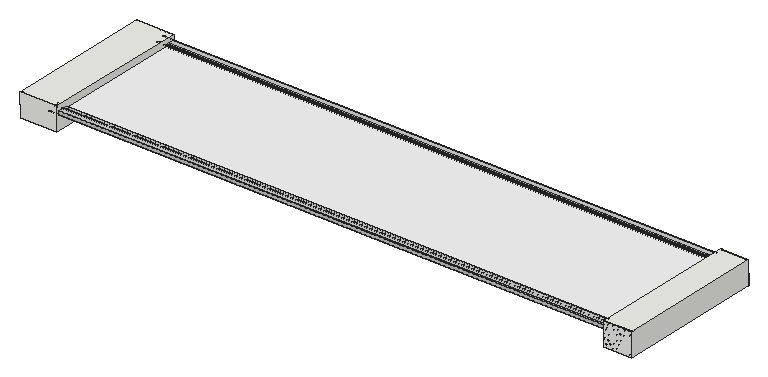
Revit family "DSI-H_3HR_Horizontal_Curtain_Under_Ceiling", category Specialty Equipment, Revit 2026
Family settings
  Round Connector Dimension = Use Diameter
  Part Type = Normal
  Classification Number = 23.30.60.17
  Work Plane-Based = No
  Enable Cutting in Views = No
  Always vertical = Yes
  Cut with Voids When Loaded = No
  Maintain Annotation Orientation = No
  Shared = No
  Room Calculation Point = No
Parameters
  Type Comments = ""
  Specifications = "https://www.arcat.com/company/door-systems-50183/spec"
  Product Information = "https://www.arcat.com/arcatcos/cos50/arc50183.html"
  Manufacturer Address = "1150 S. Las Brisas Placentia, CA 92870"
  Keynote = ""
  Description = ""
  Default Elevation = 0' - 0"
  Cost = 0
  Copyright = "Arcat, Inc."
  Curtain Width [instance] = 5' - 3"
  URL = "https://www.doorsysinc.com/smoke-and-fire-curtains/"
  Width (TBW) Tail end Box [instance] = 1' - 1 3/4"
  Stainless Steel = Stainless Steel
  Schematic Floor = no
  Power Supply = "SINGLE PHASE, 230V,13A,50Hz"
  Open Fire Curtain = yes
  Motor = "INTERNAL, ELECTRIC, TUBULER GEARED CONSTANT SPEED MOTOR"
  Model = "DSI-H 3HR HorizontalnCurtain Under Ceiling"
  Manufacturer = "Door Systems"
  Height (TBH) Tail end Box [instance] = 0' - 11 3/4"
  Width (HBW) Head Box [instance] = 1' - 6 1/2"
  Height (HBH) Head Box [instance] = 0' - 11 3/4"
  Guide Rail = "2 mm THK GALVANIZED STEEL GUIDE RAIL"
  Galvanized Stell = Galvanized Steel
  End Plate = "3mmTHK GALVANISED STEEL END PLATES AND BRACKETS"
  Curtain Fabric = "MANUFACTURED FROM STAINLESS STEEL, WIRE REINFORCED,\r\nWOVEN GLASS FIBRE, FABRIC COATED ON EACH SIDE\r\nWITH SILVER POLYURETHANE  VWG 690"
  Curtain Box = "1.2mmTHK GALVANISED STEEL"
  Curtain = Curtain
  Curtain Length [instance] = 23' - 0"
  Bottom Bar = "2mm THK  GALVANIZED STEEL  BOTTOM BAR"
  Assembly Code = ""
Reference planes (in)
  plane 1 "Center (Front/Back)": y = 0
  plane 2: z = 0
  plane 3 "Center (Left/Right)": x = 0
  plane 4: y = 48
  plane 5: y = -25.62376
  plane 6: x = -48
  plane 7: x = 260.25
  plane 8: x = -29.5
  plane 9: x = 246.5
  plane 10: y = 43.47244
  plane 11: y = -21.0962
  plane 12: z = 0
  plane 13: z = 11.75
  plane 14: z = 8.30906
  plane 15: x = -34.22047
  plane 16: x = 252.40133
  plane 17: z = 10.90207
  plane 18: y = 47.2126
  plane 19: y = -24.84251
  plane 20: y = -25.57689
  plane 21: y = 47.95312
  plane 22: z = 9.7997
  plane 23: z = 9.75283
  plane 24: x = -32.25591
  plane 25: x = 249.25591
  plane 26: z = 0
  plane 27: y = -20.31495
  plane 28: y = 42.68505
  plane 29: z = 8.75
  plane 30: z = 8.70312
Forms (in)
  Extrusion 1, solid, material "Metal, Paint Finish, White, Matte"
    sketch origin (0, 0, 0) x (1, 0, 0) y (0, 0, 1)
      loop
        line (-29.5, 11.75) -> (-48, 11.75) -> (-48, 0) -> (-29.5, 0) -> (-29.5, 11.75)
    from -47.95312 to 25.57689
  Extrusion 2, solid, material "Metal, Paint Finish, White, Matte"
    sketch origin (0, 0, 0) x (1, 0, 0) y (0, 0, 1)
      loop
        line (246.5, 0) -> (260.25, 0) -> (260.25, 11.75) -> (246.5, 11.75) -> (246.5, 0)
    from -47.95312 to 25.62376
  Extrusion 3, solid, material "Metal, Paint Finish, White, Matte"
    sketch origin (0, -119.95313, 0) x (1, 0, 0) y (0, 0, 1)
      loop
        line (-48, 11.65551) -> (-48, 0) -> (-29.5, 0) -> (-29.5, 11.75) -> (-47.90551, 11.75)
        arc (-47.90551, 11.75) -> (-47.97233, 11.72233) -> (-48, 11.65551) r 0.09449
    from -94.37624 to -94.32936
  Extrusion 4, solid, material "Metal, Paint Finish, White, Matte"
    sketch origin (0, -36, 0) x (1, 0, 0) y (0, 0, 1)
      loop
        line (-48, 11.65551) -> (-48, 0) -> (-29.5, 0) -> (-29.5, 11.75) -> (-47.90551, 11.75)
        arc (-47.90551, 11.75) -> (-47.97233, 11.72233) -> (-48, 11.65551) r 0.09449
    from -84 to -83.95312
  Extrusion 5, solid, material "Metal, Paint Finish, White, Matte"
    sketch origin (0, -35.95313, 0) x (1, 0, 0) y (0, 0, 1)
      loop
        line (246.49582, 0) -> (260.24582, 0) -> (260.24582, 11.65551)
        arc (260.24582, 11.65551) -> (260.21814, 11.72233) -> (260.15133, 11.75) r 0.09449
        line (260.15133, 11.75) -> (246.49582, 11.75) -> (246.49582, 0)
    from -10.37624 to -10.32936
  Extrusion 6, solid, material "Metal, Paint Finish, White, Matte"
    sketch origin (0, 48, 0) x (1, 0, 0) y (0, 0, 1)
      loop
        line (246.49582, 0) -> (260.24582, 0) -> (260.24582, 11.65551)
        arc (260.24582, 11.65551) -> (260.21814, 11.72233) -> (260.15133, 11.75) r 0.09449
        line (260.15133, 11.75) -> (246.49582, 11.75) -> (246.49582, 0)
    from 0 to 0.04688
  Extrusion 7, solid, material "Galvanized Steel"
    sketch origin (0, 1.56963, 0) x (0, 1, 0) y (0, 0, 1)
      loop
        line (-21.88458, 8.86811) -> (-21.88458, 9.41929)
        arc (-21.88458, 9.41929) -> (-21.91918, 9.50281) -> (-22.00269, 9.5374) r 0.11811
        line (-22.00269, 9.5374) -> (-26.29403, 9.5374)
        arc (-26.29403, 9.5374) -> (-26.37755, 9.50281) -> (-26.41214, 9.41929) r 0.11811
        line (-26.41214, 9.41929) -> (-26.41214, 7.68701)
        arc (-26.41214, 7.68701) -> (-26.37755, 7.60349) -> (-26.29403, 7.5689) r 0.11811
        line (-26.29403, 7.5689) -> (-22.00269, 7.5689)
        arc (-22.00269, 7.5689) -> (-21.91918, 7.60349) -> (-21.88458, 7.68701) r 0.11811
        line (-21.88458, 7.68701) -> (-21.88458, 8.23819)
        arc (-21.88458, 8.23819) -> (-21.91918, 8.32171) -> (-22.00269, 8.3563) r 0.11811
        line (-22.00269, 8.3563) -> (-23.14443, 8.3563)
        arc (-23.14443, 8.3563) -> (-23.22794, 8.32171) -> (-23.26254, 8.23819) r 0.11811
        line (-23.26254, 8.23819) -> (-23.26254, 7.68701) -> (-23.1838, 7.68701) -> (-23.1838, 8.23819)
        arc (-23.1838, 8.23819) -> (-23.17227, 8.26603) -> (-23.14443, 8.27756) r 0.03937
        line (-23.14443, 8.27756) -> (-22.00269, 8.27756)
        arc (-22.00269, 8.27756) -> (-21.97486, 8.26603) -> (-21.96332, 8.23819) r 0.03937
        line (-21.96332, 8.23819) -> (-21.96332, 7.68701)
        arc (-21.96332, 7.68701) -> (-21.97486, 7.65917) -> (-22.00269, 7.64764) r 0.03937
        line (-22.00269, 7.64764) -> (-26.29403, 7.64764)
        arc (-26.29403, 7.64764) -> (-26.32187, 7.65917) -> (-26.3334, 7.68701) r 0.03937
        line (-26.3334, 7.68701) -> (-26.3334, 9.41929)
        arc (-26.3334, 9.41929) -> (-26.32187, 9.44713) -> (-26.29403, 9.45866) r 0.03937
        line (-26.29403, 9.45866) -> (-22.00269, 9.45866)
        arc (-22.00269, 9.45866) -> (-21.97486, 9.44713) -> (-21.96332, 9.41929) r 0.03937
        line (-21.96332, 9.41929) -> (-21.96332, 8.86811)
        arc (-21.96332, 8.86811) -> (-21.97486, 8.84027) -> (-22.00269, 8.82874) r 0.03937
        line (-22.00269, 8.82874) -> (-23.14443, 8.82874)
        arc (-23.14443, 8.82874) -> (-23.17227, 8.84027) -> (-23.1838, 8.86811) r 0.03937
        line (-23.1838, 8.86811) -> (-23.1838, 9.43307) -> (-23.26254, 9.43307) -> (-23.26254, 8.86811)
        arc (-23.26254, 8.86811) -> (-23.22794, 8.78459) -> (-23.14443, 8.75) r 0.11811
        line (-23.14443, 8.75) -> (-22.00269, 8.75)
        arc (-22.00269, 8.75) -> (-21.91918, 8.78459) -> (-21.88458, 8.86811) r 0.11811
    from -34.22047 to 252.40133
  Extrusion 8, solid, material "Galvanized Steel"
    sketch origin (0, 0, -1.0631) x (0, 1, 0) y (0, 0, 1)
      loop
        line (44.063, 10.79774) -> (43.98426, 10.79774) -> (43.98426, 10.23278)
        arc (43.98426, 10.23278) -> (43.97273, 10.20494) -> (43.94489, 10.19341) r 0.03937
        line (43.94489, 10.19341) -> (42.80316, 10.19341)
        arc (42.80316, 10.19341) -> (42.77532, 10.20494) -> (42.76379, 10.23278) r 0.03937
        line (42.76379, 10.23278) -> (42.76379, 10.78396)
        arc (42.76379, 10.78396) -> (42.77532, 10.8118) -> (42.80316, 10.82333) r 0.03937
        line (42.80316, 10.82333) -> (47.09449, 10.82333)
        arc (47.09449, 10.82333) -> (47.12233, 10.8118) -> (47.13386, 10.78396) r 0.03937
        line (47.13386, 10.78396) -> (47.13386, 9.05167)
        arc (47.13386, 9.05167) -> (47.12233, 9.02383) -> (47.09449, 9.0123) r 0.03937
        line (47.09449, 9.0123) -> (42.80316, 9.0123)
        arc (42.80316, 9.0123) -> (42.77532, 9.02383) -> (42.76379, 9.05167) r 0.03937
        line (42.76379, 9.05167) -> (42.76379, 9.60285)
        arc (42.76379, 9.60285) -> (42.77532, 9.63069) -> (42.80316, 9.64222) r 0.03937
        line (42.80316, 9.64222) -> (43.94489, 9.64222)
        arc (43.94489, 9.64222) -> (43.97273, 9.63069) -> (43.98426, 9.60285) r 0.03937
        line (43.98426, 9.60285) -> (43.98426, 9.05167) -> (44.063, 9.05167) -> (44.063, 9.60285)
        arc (44.063, 9.60285) -> (44.0284, 9.68637) -> (43.94489, 9.72096) r 0.11811
        line (43.94489, 9.72096) -> (42.80316, 9.72096)
        arc (42.80316, 9.72096) -> (42.71964, 9.68637) -> (42.68505, 9.60285) r 0.11811
        line (42.68505, 9.60285) -> (42.68505, 9.05167)
        arc (42.68505, 9.05167) -> (42.71964, 8.96816) -> (42.80316, 8.93356) r 0.11811
        line (42.80316, 8.93356) -> (47.09449, 8.93356)
        arc (47.09449, 8.93356) -> (47.17801, 8.96816) -> (47.2126, 9.05167) r 0.11811
        line (47.2126, 9.05167) -> (47.2126, 10.78396)
        arc (47.2126, 10.78396) -> (47.17801, 10.86747) -> (47.09449, 10.90207) r 0.11811
        line (47.09449, 10.90207) -> (42.80316, 10.90207)
        arc (42.80316, 10.90207) -> (42.71964, 10.86747) -> (42.68505, 10.78396) r 0.11811
        line (42.68505, 10.78396) -> (42.68505, 10.23278)
        arc (42.68505, 10.23278) -> (42.71964, 10.14926) -> (42.80316, 10.11467) r 0.11811
        line (42.80316, 10.11467) -> (43.94489, 10.11467)
        arc (43.94489, 10.11467) -> (44.0284, 10.14926) -> (44.063, 10.23278) r 0.11811
        line (44.063, 10.23278) -> (44.063, 10.79774)
    from -34.22047 to 252.40133
  Extrusion 9, solid, material "Schematic Floor", visible <- "Schematic Floor"
    sketch origin (0, 0, 2.04687) x (1, 0, 0) y (0, 1, 0)
      loop
        line (-48, -25.57689) -> (260.25, -25.57689) -> (260.25, 48) -> (-48, 48) -> (-48, -25.57689)
      loop
        line (284.24582, 72) -> (-72, 72) -> (-72, -49.57689) -> (284.24582, -49.57689) -> (284.24582, 72)
    from 0 to 9.76563
  Extrusion 10, solid, material "Schematic Floor", visible <- "Schematic Floor"
    sketch origin (0, 0, 11.8125) x (1, 0, 0) y (0, 1, 0)
      loop
        line (-32.25591, -25.57689) -> (249.25591, -25.57689) -> (249.25591, 48) -> (-32.25591, 48) -> (-32.25591, -25.57689)
      loop
        line (284.24582, 72) -> (-72, 72) -> (-72, -49.57689) -> (284.24582, -49.57689) -> (284.24582, 72)
    from 0 to 5.90551
  Extrusion 11, solid, material "Curtain", visible <- "Open Fire Curtain"
    sketch origin (0, 0, 8.81533) x (1, 0, 0) y (0, 1, 0)
      loop
        line (-34.22047, -21.0962) -> (252.40133, -21.0962) -> (252.40133, 43.47244) -> (-34.22047, 43.47244) -> (-34.22047, -21.0962)
    from -0.06533 to -0.1122
Cuts and joins
  joined: Extrusion 9, Extrusion 10
Lines and regions (in)
  symbolic lines
    curve 1: circle (-44.4481, 0, 6.24083) r 1.91535 normal (0, -1, 0)
    curve 2: circle (-44.4481, 0, 6.24083) r 1.50591 normal (0, -1, 0)
    curve 3: circle (-44.4481, 0, 6.24083) r 1.37795 normal (0, -1, 0)
    curve 4: line (-44.45337, 0, 8.57018) -> (-44.44283, 0, 3.91148)
    curve 5: line (-46.77745, 0, 6.23556) -> (-42.11875, 0, 6.2461)
    curve 6: line (-42.11875, 0, 6.2461) -> (-33.09316, 0, 6.2665)
    curve 7: line (-37.56899, 0, 10.72215) -> (-37.5488, 0, 1.79067)
    curve 8: arc (-37.5634, 0, 8.2505) -> (-38.97212, 0, 7.66325) -> (-39.55298, 0, 6.2519) r 1.99409
    curve 9: circle (-37.55889, 0, 6.25641) r 3.54331 normal (0, -1, 0)
    curve 10: line (-44.32021, 0, 8.15191) -> (-37.46315, 0, 7.69302)
    curve 11: line (-37.55564, 0, 4.81661) -> (-44.3106, 0, 4.33042)
    curve 12: circle (-37.55889, 0, 6.25641) r 1.43976 normal (0, -1, 0)
    curve 13: circle (-37.55889, 0, 6.25641) r 1.85236 normal (0, -1, 0)
    curve 14: circle (-37.55889, 0, 6.25641) r 1.99409 normal (0, -1, 0)
    curve 15: line (-34.11021, 0, 9.7997) -> (-37.56691, 0, 9.7997)
    curve 31: circle (251.07062, 0, 4.85876) r 1.43976 normal (0, -1, 0)
    curve 32: line (255.80408, 0, 6.76489) -> (250.93148, 0, 6.29178)
    curve 33: line (251.07062, 0, 6.65057) -> (251.07062, 0, 3.06695)
    curve 34: line (249.27881, 0, 4.85876) -> (252.86243, 0, 4.85876)
    curve 35: circle (251.07292, 0, 4.85876) r 0.83465 normal (0, -1, 0)
    curve 36: circle (251.07292, 0, 4.85876) r 0.71654 normal (0, -1, 0)
    curve 37: line (253.51091, 0, 4.85876) -> (258.47285, 0, 4.85876)
    curve 38: circle (255.99188, 0, 4.85876) r 1.91535 normal (0, -1, 0)
    curve 39: circle (255.99188, 0, 4.85876) r 1.50591 normal (0, -1, 0)
    curve 40: circle (255.99188, 0, 4.85876) r 1.37795 normal (0, -1, 0)
    curve 41: line (251.08935, 0, 3.41912) -> (255.80329, 0, 2.95271)
    curve 42: line (255.99188, 0, 7.33973) -> (255.99188, 0, 2.37779)
  symbolic lines, not visible
    curve 16: circle (-44.45615, 0, 6.29921) r 1.91535 normal (0, -1, 0)
    curve 17: circle (-44.45615, 0, 6.29921) r 1.50591 normal (0, -1, 0)
    curve 18: circle (-44.45615, 0, 6.29921) r 1.37795 normal (0, -1, 0)
    curve 19: line (-44.45615, 0, 8.62857) -> (-44.45615, 0, 3.96985)
    curve 20: line (-46.78551, 0, 6.29921) -> (-42.12679, 0, 6.29921)
    curve 21: line (-42.12679, 0, 6.29921) -> (-33.10118, 0, 6.29921)
    curve 22: line (-37.56693, 0, 10.76496) -> (-37.56693, 0, 1.83346)
    curve 23: arc (-37.56693, 0, 8.29331) -> (-38.97697, 0, 7.70925) -> (-39.56102, 0, 6.29921) r 1.99409
    curve 24: circle (-37.56693, 0, 6.29921) r 3.54331 normal (0, -1, 0)
    curve 25: line (-44.32394, 0, 8.21) -> (-37.46794, 0, 7.73561)
    curve 26: line (-37.56693, 0, 4.85941) -> (-44.32297, 0, 4.38849)
    curve 27: circle (-37.56693, 0, 6.29921) r 1.43976 normal (0, -1, 0)
    curve 28: circle (-37.56693, 0, 6.29921) r 1.85236 normal (0, -1, 0)
    curve 29: circle (-37.56693, 0, 6.29921) r 1.99409 normal (0, -1, 0)
    curve 30: line (-34.11024, 0, 9.8347) -> (-37.56693, 0, 9.84252)
    curve 43: circle (126.25984, 0, 4.92126) r 1.43976 normal (0, -1, 0)
    curve 44: line (130.9933, 0, 6.82739) -> (126.1207, 0, 6.35428)
    curve 45: line (126.25984, 0, 6.71307) -> (126.25984, 0, 3.12945)
    curve 46: line (124.46803, 0, 4.92126) -> (128.05166, 0, 4.92126)
    curve 47: circle (126.26214, 0, 4.92126) r 0.83465 normal (0, -1, 0)
    curve 48: circle (126.26214, 0, 4.92126) r 0.71654 normal (0, -1, 0)
    curve 49: line (128.70013, 0, 4.92126) -> (133.66207, 0, 4.92126)
    curve 50: circle (131.1811, 0, 4.92126) r 1.91535 normal (0, -1, 0)
    curve 51: circle (131.1811, 0, 4.92126) r 1.50591 normal (0, -1, 0)
    curve 52: circle (131.1811, 0, 4.92126) r 1.37795 normal (0, -1, 0)
    curve 53: line (126.27857, 0, 3.48162) -> (130.99251, 0, 3.01521)
    curve 54: line (131.1811, 0, 7.40223) -> (131.1811, 0, 2.44029)
Dimensions and locks (in)
  "Width (HBW) Head Box": plane 6 to plane 8
  "Width (TBW) Tail end Box": plane 9 to plane 7
  plane 6 to plane 7 = 25' - 8 1/4"
  "Curtain Length": plane 8 to plane 9
  plane 4 to plane 5 = 6' - 1.62376"
  locked: plane 11 to plane 5 at 4.52756
  locked: plane 4 to plane 10 at 4.52756
  "Height (HBH) Head Box": plane 13 to plane 12
  locked: plane 13 to plane 14 at 3.44094
  locked: plane 9 to plane 16 at 5.90133
  locked: plane 13 to plane 17 at 0.84793
  locked: plane 4 to plane 18 at 0.7874
  locked: plane 19 to plane 5 at 0.78125
  locked: plane 20 to plane 5 at 0.04687
  locked: plane 4 to plane 21 at 0.04688
  plane 13 to plane 22 to plane 23 = 0' - 1.9503" locked, 0' - 0 3/64" locked
  locked: plane 14 to curve 37 at 3.4503
  locked: curve 33 to plane 16 at 1.33071
  locked: plane 24 to plane 8 at 2.75591
  locked: plane 9 to plane 25 at 2.75591
  "Height (TBH) Tail end Box": plane 13 to plane 26
  locked: plane 4 to plane 28 at 5.31495
  "Curtain Width": plane 28 to plane 27
  locked: plane 27 to plane 5 at 5.30881
  locked: plane 29 to plane 30 at 0.04688
  locked: plane 13 to plane 29 at 3
  plane 29 to plane 30 = 0' - 0 3/64"
  aligned and locked: plane 2 to level
  aligned and locked: plane 13 to Extrusion 1 sketch curve
  aligned and locked: Extrusion 1 sketch curve to plane 12
  aligned and locked: plane 6 to Extrusion 1
  aligned and locked: Extrusion 1 to plane 8
  aligned and locked: Extrusion 3 to plane 5
  aligned and locked: Extrusion 3 to plane 20
  aligned and locked: plane 20 to Extrusion 1
  aligned and locked: Extrusion 4 to plane 21
  aligned and locked: plane 4 to Extrusion 4
  aligned and locked: plane 21 to Extrusion 1
  aligned and locked: plane 5 to Extrusion 5
  aligned and locked: Extrusion 5 to plane 20
  aligned and locked: Extrusion 6 to plane 4
  aligned and locked: plane 21 to Extrusion 6
  aligned and locked: plane 19 to Extrusion 7
  aligned and locked: plane 22 to curve 15
  aligned and locked: Extrusion 8 to plane 16
  aligned and locked: Extrusion 7 to plane 16
  aligned and locked: Extrusion 9 to plane 6
  aligned and locked: plane 7 to Extrusion 9
  aligned and locked: Extrusion 9 to plane 20
  aligned and locked: Extrusion 9 to plane 4
  aligned and locked: Extrusion 10 to plane 24
  aligned and locked: plane 25 to Extrusion 10
  aligned and locked: Extrusion 1 sketch curve to plane 8
  aligned and locked: plane 6 to Extrusion 1 sketch curve
  aligned and locked: plane 9 to Extrusion 2 sketch curve
  aligned and locked: Extrusion 2 sketch curve to plane 7
  aligned and locked: Extrusion 2 sketch curve to plane 13
  aligned and locked: plane 26 to Extrusion 5 sketch curve
  aligned and locked: plane 26 to Extrusion 2 sketch curve
  aligned and locked: plane 26 to Extrusion 6 sketch curve
  aligned and locked: plane 5 to Extrusion 2
  aligned and locked: plane 27 to Extrusion 7
  aligned and locked: plane 28 to Extrusion 8
  aligned and locked: plane 29 to Extrusion 7
  aligned and locked: plane 29 to Extrusion 11
  aligned and locked: Extrusion 11 to plane 30
Automatic sketch dimensions
  plane 6 to Extrusion 3 sketch curve = 0' - 0"
  Extrusion 3 sketch curve to plane 13 = 0' - 0"
  plane 8 to Extrusion 3 sketch curve = 0' - 0"
  Extrusion 3 sketch curve to level = 0' - 0"
  Extrusion 3 sketch curve to plane 6 = 0' - 0.09449"
  plane 6 to Extrusion 4 sketch curve = 0' - 0"
  Extrusion 4 sketch curve to plane 13 = 0' - 0"
  plane 8 to Extrusion 4 sketch curve = 0' - 0"
  Extrusion 4 sketch curve to level = 0' - 0"
  Extrusion 4 sketch curve to plane 6 = 0' - 0.09449"
  Extrusion 5 sketch curve to plane 13 = 0' - 0"
  plane 9 to Extrusion 5 sketch curve = 0' - 0.00418"
  plane 7 to Extrusion 5 sketch curve = 0' - 0.09867"
  plane 7 to Extrusion 5 sketch curve = 0' - 0.00418"
  Extrusion 6 sketch curve to plane 13 = 0' - 0"
  plane 9 to Extrusion 6 sketch curve = 0' - 0.00418"
  plane 7 to Extrusion 6 sketch curve = 0' - 0.09867"
  plane 7 to Extrusion 6 sketch curve = 0' - 0.00418"
  Extrusion 7 sketch curve to Extrusion 7 sketch curve = 0' - 0"  (x16)
  Extrusion 7 sketch curve to plane 19 = 0' - 0"
  Extrusion 7 sketch curve to plane 29 = 0' - 0"
  Extrusion 7 sketch curve to plane 27 = 0' - 0"  (x2)
  Extrusion 7 sketch curve to Extrusion 7 sketch curve = 0' - 0.07874"
  Extrusion 7 sketch curve to Extrusion 7 sketch curve = 0' - 0.03937"  (x8)
  Extrusion 7 sketch curve to plane 11 = 0' - 0.5967"  (x2)
  plane 14 to Extrusion 7 sketch curve = 0' - 0.04724"
  Extrusion 7 sketch curve to Extrusion 7 sketch curve = 0' - 0.55118"  (x2)
  Extrusion 7 sketch curve to plane 23 = 0' - 0.33354"
  Extrusion 7 sketch curve to plane 23 = 0' - 0.31976"
  Extrusion 8 sketch curve to Extrusion 8 sketch curve = 0' - 0"  (x17)
  Extrusion 8 sketch curve to plane 28 = 0' - 0"  (x2)
  Extrusion 8 sketch curve to plane 18 = 0' - 0"
  Extrusion 8 sketch curve to Extrusion 8 sketch curve = 0' - 0.07874"
  plane 23 to Extrusion 8 sketch curve = 0' - 0.0074"
  Extrusion 8 sketch curve to Extrusion 8 sketch curve = 0' - 0.03937"  (x4)
  plane 28 to Extrusion 8 sketch curve = 0' - 0.11811"
  plane 10 to Extrusion 8 sketch curve = 0' - 0.47245"
  Extrusion 8 sketch curve to plane 30 = 0' - 0.124"
  plane 10 to Extrusion 8 sketch curve = 0' - 0.51182"  (x2)
  Extrusion 8 sketch curve to plane 23 = 0' - 0.01819"
  Extrusion 8 sketch curve to plane 23 = 0' - 0.03197"
  Extrusion 8 sketch curve to plane 14 = 0' - 0.32048"  (x2)
  plane 29 to Extrusion 8 sketch curve = 0' - 0.30157"
  Extrusion 9 sketch curve to plane 6 = 0' - 0"
  Extrusion 9 sketch curve to plane 7 = 0' - 0"
  plane 20 to Extrusion 9 sketch curve = 0' - 0"
  Extrusion 9 sketch curve to plane 4 = 0' - 0"
  plane 6 to Extrusion 9 sketch curve = 2' - 0"
  Extrusion 9 sketch curve to plane 7 = 1' - 11.99582"
  Extrusion 9 sketch curve to plane 5 = 1' - 11 61/64"
  plane 4 to Extrusion 9 sketch curve = 2' - 0"
  plane 20 to Extrusion 10 sketch curve = 0' - 0"
  Extrusion 10 sketch curve to plane 24 = 0' - 0"
  Extrusion 10 sketch curve to plane 25 = 0' - 0"
  Extrusion 10 sketch curve to plane 4 = 0' - 0"
  plane 6 to Extrusion 10 sketch curve = 2' - 0"
  Extrusion 10 sketch curve to plane 7 = 1' - 11.99582"
  Extrusion 10 sketch curve to plane 5 = 1' - 11 61/64"
  plane 4 to Extrusion 10 sketch curve = 2' - 0"
  Extrusion 11 sketch curve to plane 10 = 0' - 0"
  Extrusion 11 sketch curve to plane 15 = 0' - 0"
  Extrusion 11 sketch curve to plane 16 = 0' - 0"
  Extrusion 11 sketch curve to plane 11 = 0' - 0"
